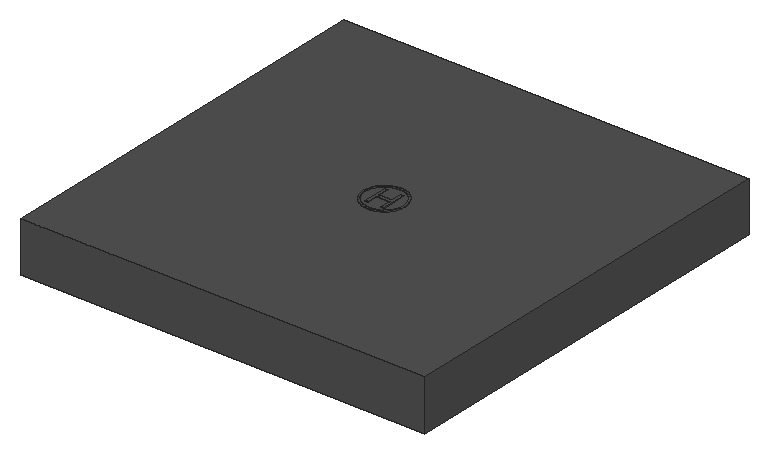
Revit family "MIM_HD", category Fire Alarm Devices, host Face, Revit 2016
Family settings
  Host = Face
  Maintain Annotation Orientation = No
  Part Type = Normal
  Round Connector Dimension = Use Diameter
  OmniClass Number = 23.80.70.11.14.11
  OmniClass Title = Downlights
  Cut with Voids When Loaded = No
  Shared = No
  Room Calculation Point = No
Parameters (values of type "Heat Detector")
  Default Elevation = 0 mm
  Assembly Code = ""
Reference planes
  plane 1 "Center (Front/Back)": y = 0
  plane 2: z = 0
  plane 3 "Center (Left/Right)": x = 0
Forms (mm)
  Extrusion 1, solid, material "Steel, Chrome Plated"
    sketch origin (0, 0, 0) x (1, 0, 0) y (0, 1, 0)
      loop
        line (-1219.2, 1219.2) -> (-1219.2, -1219.2) -> (1219.2, -1219.2) -> (1219.2, 1219.2) -> (-1219.2, 1219.2)
    from 0 to -304.8
  Extrusion 2, solid, material "Steel, Chrome Plated"
    sketch origin (0, 0, 0) x (1, 0, 0) y (0, 1, 0)
      loop
        circle (0, 0) r 115
      loop
        circle (0, 0) r 125
    from 1 to 0
  Extrusion 3, solid, material "Steel, Chrome Plated"
    sketch origin (0, 0, 0) x (1, 0, 0) y (0, 1, 0)
      loop
        line (-57.5, 75) -> (-57.5, -75) -> (-39.2, -75) -> (-39.2, -9.2) -> (39.2, -9.2) -> (39.2, -75) -> (57.5, -75) -> (57.5, 75) -> (39.2, 75) -> (39.2, 9.2) -> (-39.2, 9.2) -> (-39.2, 75) -> (-57.5, 75)
    from 1 to 0
Dimensions and locks
  aligned and locked: plane 2 to Extrusion 1
  aligned and locked: level to Extrusion 1
  aligned and locked: level to Extrusion 2
  aligned and locked: level to Extrusion 3
  aligned and locked: Extrusion 2 to Extrusion 1
  aligned and locked: Extrusion 3 to Extrusion 1
